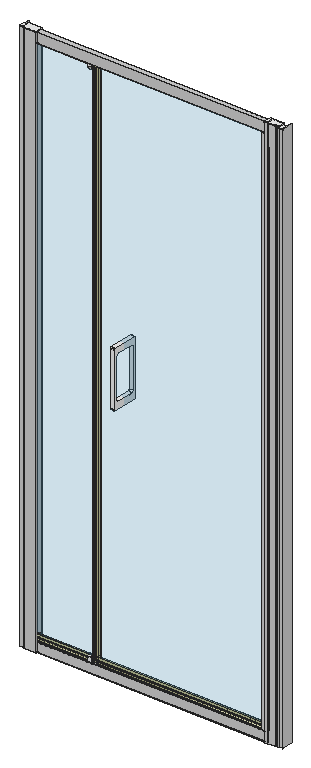
Revit family "TOP31", category Plumbing Fixtures, Revit 2015
Parameters (values of type "900")
  Seal = Seal
  Profile = Profile
  Glass = Glass
  C = 642 mm
  B = 258 mm
  Aluminum = Aluminum
  A = B + C  # 900 mm
  URL = "http://www.sanswiss.com/"
  Type Comments = "TOP LINE"
  Model = "TOP31"
  Manufacturer = "SanSwiss"
Types (4, lengths in mm): name | C | B | A
  900 | 642 | 258 | 900
  1400 | 942 | 458 | 1400
  1200 | 842 | 358 | 1200
  1000 | 742 | 258 | 1000
Reference planes
  plane 1 "Center (Front/Back)": y = 0
  plane 2: z = 0
  plane 3 "Center (Left/Right)": x = 0
  plane 4: x = 258
  plane 5: x = 900
  plane 6: x = 833.812
  plane 7: x = 833.812
Forms (mm)
  Sweep 1, solid, material "Profile" <- "Profile"
    path origin (-3.5, 0, 0) x (1, 0, 0) y (0, 1, 0)
      loop
        line (845.5, 15.451) -> (58.5, 15.451)
    profile origin (448.5, 15.451, 0) x (0, -1, 0) y (0, 0, 1)
      loop
        arc (-0.642, 1900) -> (-1.284, 1899.734) -> (-1.549, 1899.092) r 0.908
        line (-1.549, 1899.092) -> (-1.549, 1873.625)
        arc (-1.549, 1873.625) -> (-1.307, 1872.91) -> (-0.678, 1872.49) r 1.175
        line (-0.678, 1872.49) -> (4.883, 1871) -> (7.896, 1871) -> (14.092, 1871)
        arc (14.092, 1871) -> (14.487, 1870.836) -> (14.651, 1870.441) r 0.559
        line (14.651, 1870.441) -> (14.651, 1866.9)
        arc (14.651, 1866.9) -> (15.551, 1866) -> (16.451, 1866.9) r 0.9
        line (16.451, 1866.9) -> (16.451, 1899.07)
        arc (16.451, 1899.07) -> (16.178, 1899.728) -> (15.52, 1900) r 0.93
        line (15.52, 1900) -> (-0.642, 1900)
  Extrusion 2, solid, material "Glass" <- "Glass"
    sketch origin (0, 0, 0) x (1, 0, 0) y (0, 1, 0)
      loop
        line (49.5, 13.1) -> (49.5, 7.1) -> (251.012, 7.1) -> (251.012, 13.1) -> (49.5, 13.1)
    from 39.5 to 1859
  Sweep 3, solid, material "Seal" <- "Seal"
    path origin (-582.493, -3.663, -10.853) x (1, 0, 0) y (0, 0, 1)
      loop
        line (899.5, 43.553) -> (899.5, 1869.853)
    profile origin (317.007, -3.663, 945.85) x (-1, 0, 0) y (0, -1, 0)
      loop
        line (72.964, -16.3) -> (67.091, -17.125)
        arc (67.091, -17.125) -> (66.372, -16.94) -> (65.995, -16.3) r 0.97
        line (65.995, -16.3) -> (65.995, -11.379)
        arc (65.995, -11.379) -> (66.372, -10.74) -> (67.091, -10.554) r 0.97
        line (67.091, -10.554) -> (72.964, -11.379)
        arc (72.964, -11.379) -> (72.927, -10.567) -> (72.274, -10.082) r 0.947
        line (72.274, -10.082) -> (67.307, -9.362)
        arc (67.307, -9.362) -> (66.748, -9.353) -> (66.204, -9.485) r 2.201
        arc (66.204, -9.485) -> (64.306, -7.915) -> (61.911, -7.336) r 5.475
        arc (61.911, -7.336) -> (59.884, -7.937) -> (59.007, -9.861) r 2.549
        line (59.007, -9.861) -> (59.007, -17.819)
        arc (59.007, -17.819) -> (59.884, -19.743) -> (61.911, -20.343) r 2.549
        arc (61.911, -20.343) -> (64.306, -19.764) -> (66.204, -18.194) r 5.475
        arc (66.204, -18.194) -> (66.748, -18.326) -> (67.307, -18.317) r 2.201
        line (67.307, -18.317) -> (72.274, -17.597)
        arc (72.274, -17.597) -> (72.927, -17.112) -> (72.964, -16.3) r 0.947
  Sweep 4, solid, material "Seal" <- "Seal"
    path origin (1099.493, 24.017, -10.853) x (-1, 0, 0) y (0, 0, 1)
      loop
        line (900.5, 62.422) -> (900.5, 1869.853)
    profile origin (198.993, 24.017, 955.284) x (1, 0, 0) y (0, 1, 0)
      loop
        line (72.964, -16.3) -> (67.091, -17.125)
        arc (67.091, -17.125) -> (66.372, -16.94) -> (65.995, -16.3) r 0.97
        line (65.995, -16.3) -> (65.995, -11.379)
        arc (65.995, -11.379) -> (66.372, -10.74) -> (67.091, -10.554) r 0.97
        line (67.091, -10.554) -> (72.964, -11.379)
        arc (72.964, -11.379) -> (72.927, -10.567) -> (72.274, -10.082) r 0.947
        line (72.274, -10.082) -> (67.307, -9.362)
        arc (67.307, -9.362) -> (66.748, -9.353) -> (66.204, -9.485) r 2.201
        arc (66.204, -9.485) -> (64.306, -7.915) -> (61.911, -7.336) r 5.475
        arc (61.911, -7.336) -> (59.884, -7.937) -> (59.007, -9.861) r 2.549
        line (59.007, -9.861) -> (59.007, -17.819)
        arc (59.007, -17.819) -> (59.884, -19.743) -> (61.911, -20.343) r 2.549
        arc (61.911, -20.343) -> (64.306, -19.764) -> (66.204, -18.194) r 5.475
        arc (66.204, -18.194) -> (66.748, -18.326) -> (67.307, -18.317) r 2.201
        line (67.307, -18.317) -> (72.274, -17.597)
        arc (72.274, -17.597) -> (72.927, -17.112) -> (72.964, -16.3) r 0.947
  Extrusion 5, solid, material "Glass" <- "Glass"
    sketch origin (0, 0, 0) x (1, 0, 0) y (0, 1, 0)
      loop
        line (837.5, 8.8) -> (837.5, 13.8) -> (265, 13.8) -> (265, 8.8) -> (837.5, 8.8)
    from 39 to 1859
  Sweep 6, solid, material "Profile" <- "Profile"
    path origin (604.206, -2.386, -4.598) x (1, 0, 0) y (0, 0, 1)
      loop
        line (295.794, 1902.5) -> (295.794, 3.502)
    profile origin (900, -2.386, 948.403) x (0, -1, 0) y (1, 0, 0)
      loop
        arc (-3.3, -1.457) -> (-3.727, -0.427) -> (-4.757, 0) r 1.457
        line (-4.757, 0) -> (-41.1, 0)
        arc (-41.1, 0) -> (-40.661, -1.061) -> (-39.6, -1.5) r 1.5
        line (-39.6, -1.5) -> (-22.318, -1.5)
        arc (-22.318, -1.5) -> (-21.598, -1.798) -> (-21.3, -2.518) r 1.018
        line (-21.3, -2.518) -> (-21.3, -36.499)
        arc (-21.3, -36.499) -> (-20.861, -37.56) -> (-19.8, -37.999) r 1.5
        line (-19.8, -37.999) -> (-4.8, -37.999)
        arc (-4.8, -37.999) -> (-3.739, -37.56) -> (-3.3, -36.499) r 1.5
        line (-3.3, -36.499) -> (-3.3, -1.457)
  Sweep 7, solid, material "Profile" <- "Profile"
    path origin (604.206, -2.386, -3.597) x (1, 0, 0) y (0, 0, 1)
      loop
        line (295.794, 1905) -> (295.794, 2.5)
    profile origin (900, -2.386, 950.153) x (0, -1, 0) y (1, 0, 0)
      loop
        line (-21.3, -13.998) -> (-23.102, -13.998)
        arc (-23.102, -13.998) -> (-24.165, -14.438) -> (-24.605, -15.501) r 1.503
        line (-24.605, -15.501) -> (-24.605, -57.249)
        arc (-24.605, -57.249) -> (-23.851, -58) -> (-23.1, -57.249) r 0.751
        line (-23.1, -57.249) -> (-23.1, -54.5) -> (-1.5, -54.5) -> (-1.5, -57.249)
        arc (-1.5, -57.249) -> (-0.747, -58.002) -> (0.005, -57.249) r 0.753
        line (0.005, -57.249) -> (0.005, -15.501)
        arc (0.005, -15.501) -> (-0.435, -14.438) -> (-1.498, -13.998) r 1.503
        line (-1.498, -13.998) -> (-3.3, -13.998) -> (-3.3, -15.5) -> (-1.5, -15.5) -> (-1.5, -22.3) -> (-3.1, -22.3) -> (-3.1, -23.8) -> (-1.5, -23.8) -> (-1.5, -50) -> (-16.1, -50)
        arc (-16.1, -50) -> (-17.302, -50.498) -> (-17.8, -51.7) r 1.7
        line (-17.8, -51.7) -> (-17.8, -53) -> (-23.1, -53) -> (-23.1, -23.8) -> (-21.5, -23.8) -> (-21.5, -22.3) -> (-23.1, -22.3) -> (-23.1, -15.5) -> (-21.3, -15.5) -> (-21.3, -13.998)
  Revolve 8, solid, material "Aluminum" <- "Aluminum"
    sketch origin (604.206, -2.386, 101.293) x (1, 0, 0) y (0, 1, 0)
      loop
        line (294.294, 31.318) -> (294.294, 37.99) -> (290.258, 37.99)
        arc (290.258, 37.99) -> (289.589, 37.74) -> (289.249, 37.112) r 1.019
        arc (289.249, 37.112) -> (288.937, 34.222) -> (288.814, 31.318) r 44.956
        line (288.814, 31.318) -> (294.294, 31.318)
      axis (294.294, 31.318) -> (288.814, 31.318)
    angle from 0 to 360
  Revolve 9, solid, material "Aluminum" <- "Aluminum"
    sketch origin (604.206, -2.386, 950.454) x (1, 0, 0) y (0, 1, 0)
      loop
        line (294.294, 31.318) -> (294.294, 37.99) -> (290.258, 37.99)
        arc (290.258, 37.99) -> (289.589, 37.74) -> (289.249, 37.112) r 1.019
        arc (289.249, 37.112) -> (288.937, 34.222) -> (288.814, 31.318) r 44.956
        line (288.814, 31.318) -> (294.294, 31.318)
      axis (294.294, 31.318) -> (288.814, 31.318)
    angle from 0 to 360
  Revolve 10, solid, material "Aluminum" <- "Aluminum"
    sketch origin (604.206, -2.386, 1799.328) x (1, 0, 0) y (0, 1, 0)
      loop
        line (294.294, 31.318) -> (294.294, 37.99) -> (290.258, 37.99)
        arc (290.258, 37.99) -> (289.589, 37.74) -> (289.249, 37.112) r 1.019
        arc (289.249, 37.112) -> (288.937, 34.222) -> (288.814, 31.318) r 44.956
        line (288.814, 31.318) -> (294.294, 31.318)
      axis (294.294, 31.318) -> (288.814, 31.318)
    angle from 0 to 360
  Revolve 11, solid, material "Aluminum" <- "Aluminum"
    sketch origin (0, -2.245, 1799.327) x (1, 0, 0) y (0, 1, 0)
      loop
        line (1.5, 31.318) -> (6.98, 31.318)
        arc (6.98, 31.318) -> (6.857, 34.222) -> (6.545, 37.112) r 44.956
        arc (6.545, 37.112) -> (6.205, 37.74) -> (5.536, 37.99) r 1.019
        line (5.536, 37.99) -> (1.5, 37.99) -> (1.5, 31.318)
      axis (1.5, 31.318) -> (6.98, 31.318)
    angle from 0 to 360
  Revolve 12, solid, material "Aluminum" <- "Aluminum"
    sketch origin (0, -2.245, 950.433) x (1, 0, 0) y (0, 1, 0)
      loop
        line (1.5, 31.318) -> (6.98, 31.318)
        arc (6.98, 31.318) -> (6.857, 34.222) -> (6.545, 37.112) r 44.956
        arc (6.545, 37.112) -> (6.205, 37.74) -> (5.536, 37.99) r 1.019
        line (5.536, 37.99) -> (1.5, 37.99) -> (1.5, 31.318)
      axis (1.5, 31.318) -> (6.98, 31.318)
    angle from 0 to 360
  Revolve 13, solid, material "Aluminum" <- "Aluminum"
    sketch origin (0, -2.245, 101.026) x (1, 0, 0) y (0, 1, 0)
      loop
        line (1.5, 31.318) -> (6.98, 31.318)
        arc (6.98, 31.318) -> (6.857, 34.222) -> (6.545, 37.112) r 44.956
        arc (6.545, 37.112) -> (6.205, 37.74) -> (5.536, 37.99) r 1.019
        line (5.536, 37.99) -> (1.5, 37.99) -> (1.5, 31.318)
      axis (1.5, 31.318) -> (6.98, 31.318)
    angle from 0 to 360
  Extrusion 14, solid, material "Profile" <- "Profile"
    sketch origin (1217.271, -90.697, 1743.388) x (0, 1, 0) y (0, 0, -1)
      loop
        arc (89.797, 1712.384) -> (90.697, 1711.484) -> (91.597, 1712.384) r 0.9
        line (91.597, 1712.384) -> (91.597, 1716.484) -> (101.292, 1716.484) -> (107.057, 1718.029)
        arc (107.057, 1718.029) -> (107.591, 1718.386) -> (107.798, 1718.995) r 1
        line (107.798, 1718.995) -> (107.798, 1743.483)
        arc (107.798, 1743.483) -> (107.505, 1744.191) -> (106.796, 1744.484) r 1.002
        line (106.796, 1744.484) -> (90.797, 1744.484)
        arc (90.797, 1744.484) -> (90.09, 1744.192) -> (89.797, 1743.484) r 1
        line (89.797, 1743.484) -> (89.797, 1712.384)
    from 371.771 to 1162.271
  Sweep 15, solid, material "Seal" <- "Seal"
    path origin (-3.5, 0, 0) x (1, 0, 0) y (0, 1, 0)
      loop
        line (58.5, 7.191) -> (234.5, 7.191)
    profile origin (143, 7.191, 0) x (0, 1, 0) y (0, 0, 1)
      loop
        line (9.047, 41.78) -> (10.938, 26.963)
        arc (10.938, 26.963) -> (11.385, 26.617) -> (11.731, 27.065) r 0.4
        line (11.731, 27.065) -> (9.856, 41.76)
        arc (9.856, 41.76) -> (10.019, 42.196) -> (10.471, 42.309) r 0.5
        line (10.471, 42.309) -> (12.798, 41.741)
        arc (12.798, 41.741) -> (13.584, 42.218) -> (13.107, 43.004) r 0.65
        line (13.107, 43.004) -> (7.57, 44.356)
        arc (7.57, 44.356) -> (7.233, 44.562) -> (7.078, 44.925) r 0.648
        line (7.078, 44.925) -> (6.405, 52.09)
        arc (6.405, 52.09) -> (5.697, 52.676) -> (5.111, 51.968) r 0.65
        line (5.111, 51.968) -> (6.081, 41.646)
        arc (6.081, 41.646) -> (5.828, 40.882) -> (5.094, 40.551) r 1.002
        line (5.094, 40.551) -> (0.879, 40.508)
        arc (0.879, 40.508) -> (0.151, 40.818) -> (-0.113, 41.564) r 0.984
        line (-0.113, 41.564) -> (0.641, 51.841)
        arc (0.641, 51.841) -> (0.04, 52.537) -> (-0.656, 51.936) r 0.65
        line (-0.656, 51.936) -> (-1.38, 42.055) -> (-1.395, 41.226)
        arc (-1.395, 41.226) -> (-0.628, 39.777) -> (0.909, 39.208) r 2.297
        line (0.909, 39.208) -> (2.407, 39.223)
        arc (2.407, 39.223) -> (2.819, 37.962) -> (2.635, 36.648) r 2.942
        line (2.635, 36.648) -> (2.719, 28.471) -> (3.521, 28.265) -> (3.435, 36.657)
        arc (3.435, 36.657) -> (3.225, 37.966) -> (3.611, 39.236) r 2.942
        line (3.611, 39.236) -> (5.109, 39.251)
        arc (5.109, 39.251) -> (6.75, 39.965) -> (7.381, 41.64) r 2.297
        arc (7.381, 41.64) -> (8.147, 42.508) -> (9.047, 41.78) r 0.837
  Sweep 16, solid, material "Seal" <- "Seal"
    path origin (0, -1.123, 0) x (1, 0, 0) y (0, 1, 0)
      loop
        line (258, 8.84) -> (823.727, 8.84)
    profile origin (540.864, 7.717, 0) x (0, 1, 0) y (0, 0, 1)
      loop
        line (8.487, 41.88) -> (10.42, 26.729)
        arc (10.42, 26.729) -> (10.868, 26.382) -> (11.214, 26.83) r 0.4
        line (11.214, 26.83) -> (9.338, 41.525)
        arc (9.338, 41.525) -> (9.501, 41.962) -> (9.953, 42.074) r 0.5
        line (9.953, 42.074) -> (12.069, 41.558)
        arc (12.069, 41.558) -> (12.855, 42.035) -> (12.378, 42.82) r 0.65
        line (12.378, 42.82) -> (7.052, 44.121)
        arc (7.052, 44.121) -> (6.715, 44.327) -> (6.561, 44.69) r 0.648
        line (6.561, 44.69) -> (5.891, 51.811)
        arc (5.891, 51.811) -> (5.183, 52.397) -> (4.597, 51.689) r 0.65
        line (4.597, 51.689) -> (5.563, 41.411)
        arc (5.563, 41.411) -> (5.31, 40.647) -> (4.576, 40.316) r 1.002
        line (4.576, 40.316) -> (0.361, 40.273)
        arc (0.361, 40.273) -> (-0.367, 40.583) -> (-0.631, 41.329) r 0.984
        line (-0.631, 41.329) -> (0.122, 51.599)
        arc (0.122, 51.599) -> (-0.478, 52.295) -> (-1.174, 51.694) r 0.65
        line (-1.174, 51.694) -> (-1.898, 41.821) -> (-1.912, 40.991)
        arc (-1.912, 40.991) -> (-1.146, 39.542) -> (0.391, 38.973) r 2.297
        line (0.391, 38.973) -> (1.889, 38.988)
        arc (1.889, 38.988) -> (2.302, 37.727) -> (2.118, 36.414) r 2.942
        line (2.118, 36.414) -> (2.202, 28.236) -> (3.004, 28.03) -> (2.918, 36.422)
        arc (2.918, 36.422) -> (2.707, 37.732) -> (3.093, 39.001) r 2.942
        line (3.093, 39.001) -> (4.591, 39.016)
        arc (4.591, 39.016) -> (6.315, 39.822) -> (6.84, 41.652) r 2.297
        arc (6.84, 41.652) -> (7.548, 42.598) -> (8.487, 41.88) r 0.831
  Sweep 17, solid, material "Profile" <- "Profile"
    path origin (900.25, -2.5, -1) x (0, 1, 0) y (0, 0, -1)
      loop
        line (11.956, -1872) -> (11.956, -27.903)
    profile origin (900.25, 9.456, 948.952) x (-1, 0, 0) y (0, -1, 0)
      loop
        arc (69.875, -4.344) -> (62.188, -1.844) -> (69.875, 0.656) r 4.25
        line (69.875, 0.656) -> (75.382, 0.656)
        arc (75.382, 0.656) -> (75.867, 0.906) -> (75.944, 1.445) r 0.594
        arc (75.944, 1.445) -> (56.48, -1.825) -> (75.931, -5.171) r 10.01
        arc (75.931, -5.171) -> (75.852, -4.606) -> (75.346, -4.344) r 0.62
        line (75.346, -4.344) -> (69.875, -4.344)
  Sweep 18, solid, material "Seal" <- "Seal"
    path origin (900.25, -2.5, -1) x (0, 1, 0) y (0, 0, -1)
      loop
        line (12.581, -1872) -> (12.581, -27.903)
    profile origin (900.25, 10.081, 948.952) x (-1, 0, 0) y (0, -1, 0)
      loop
        line (55, -10.519) -> (57.75, -10.519) -> (63.144, -10.65)
        arc (63.144, -10.65) -> (62.131, -10.244) -> (61.181, -9.706) r 8.177
        line (61.181, -9.706) -> (60.015, -9.678)
        arc (60.015, -9.678) -> (55.662, 0.072) -> (62.311, 8.427) r 10.281
        arc (62.311, 8.427) -> (63.177, 8.589) -> (62.742, 9.355) r 0.541
        line (62.742, 9.355) -> (55, 10.158) -> (55, -10.519)
  Extrusion 19, solid, material "Aluminum" <- "Aluminum"
    sketch origin (900.5, -2.386, 0) x (-1, 0, 0) y (0, -1, 0)
      loop
        arc (38.499, -4.8) -> (38.06, -3.739) -> (36.999, -3.3) r 1.5
        line (36.999, -3.3) -> (2, -3.3)
        arc (2, -3.3) -> (0.939, -3.739) -> (0.5, -4.8) r 1.5
        line (0.5, -4.8) -> (0.5, -19.8)
        arc (0.5, -19.8) -> (0.939, -20.861) -> (2, -21.3) r 1.5
        line (2, -21.3) -> (36.999, -21.3)
        arc (36.999, -21.3) -> (38.06, -20.861) -> (38.499, -19.8) r 1.5
        line (38.499, -19.8) -> (38.499, -4.8)
    from 1898 to 1899
  Extrusion 20, solid, material "Aluminum" <- "Aluminum"
    sketch origin (900.5, -2.386, 0) x (-1, 0, 0) y (0, -1, 0)
      loop
        arc (14.499, -3.301) -> (13.439, -3.74) -> (13, -4.8) r 1.499
        line (13, -4.8) -> (13, -19.799)
        arc (13, -19.799) -> (13.44, -20.862) -> (14.503, -21.302) r 1.503
        line (14.503, -21.302) -> (14.503, -23.1)
        arc (14.503, -23.1) -> (14.945, -24.169) -> (16.014, -24.611) r 1.511
        line (16.014, -24.611) -> (57.751, -24.602)
        arc (57.751, -24.602) -> (58.282, -24.382) -> (58.502, -23.851) r 0.751
        line (58.502, -23.851) -> (58.502, -0.747)
        arc (58.502, -0.747) -> (58.282, -0.215) -> (57.749, 0.005) r 0.753
        line (57.749, 0.005) -> (16.001, 0.005)
        arc (16.001, 0.005) -> (14.919, -0.454) -> (14.499, -1.552) r 1.503
        line (14.499, -1.552) -> (14.499, -3.301)
    from 1900 to 1902.5
  Sweep 21, solid, material "Profile" <- "Profile"
    path origin (0, 10.044, 0) x (0, 1, 0) y (0, 0, 1)
      loop
        line (0, 1898) -> (0, -1.097)
    profile origin (0, 10.044, 948.452) x (1, 0, 0) y (0, 1, 0)
      loop
        line (1.457, -9) -> (36.499, -9)
        arc (36.499, -9) -> (37.56, -8.561) -> (37.999, -7.5) r 1.5
        line (37.999, -7.5) -> (37.999, 7.5)
        arc (37.999, 7.5) -> (37.56, 8.561) -> (36.499, 9) r 1.5
        line (36.499, 9) -> (2.518, 9)
        arc (2.518, 9) -> (1.798, 9.298) -> (1.5, 10.018) r 1.018
        line (1.5, 10.018) -> (1.5, 27.3)
        arc (1.5, 27.3) -> (1.061, 28.361) -> (0, 28.8) r 1.5
        line (0, 28.8) -> (0, -7.543)
        arc (0, -7.543) -> (0.427, -8.573) -> (1.457, -9) r 1.457
  Sweep 22, solid, material "Profile" <- "Profile"
    path origin (0, 10.044, 0) x (0, 1, 0) y (0, 0, 1)
      loop
        line (0, 1900) -> (0, -1.097)
    profile origin (0, 10.044, 949.452) x (1, 0, 0) y (0, 1, 0)
      loop
        line (14.5, 9) -> (16, 9) -> (16, 10.8) -> (22.8, 10.8) -> (22.8, 9.2) -> (24.3, 9.2) -> (24.3, 10.8) -> (53.5, 10.8) -> (53.5, 5.5) -> (52.2, 5.5)
        arc (52.2, 5.5) -> (50.998, 5.002) -> (50.5, 3.8) r 1.7
        line (50.5, 3.8) -> (50.5, -10.8) -> (24.3, -10.8) -> (24.3, -9.2) -> (22.8, -9.2) -> (22.8, -10.8) -> (16, -10.8) -> (16, -9) -> (14.5, -9) -> (14.5, -10.8)
        arc (14.5, -10.8) -> (14.939, -11.861) -> (16, -12.3) r 1.5
        line (16, -12.3) -> (57.75, -12.3)
        arc (57.75, -12.3) -> (58.5, -11.55) -> (57.75, -10.8) r 0.75
        line (57.75, -10.8) -> (55, -10.8) -> (55, 10.8) -> (57.75, 10.8)
        arc (57.75, 10.8) -> (58.5, 11.55) -> (57.75, 12.3) r 0.75
        line (57.75, 12.3) -> (16, 12.3)
        arc (16, 12.3) -> (14.939, 11.861) -> (14.5, 10.8) r 1.5
        line (14.5, 10.8) -> (14.5, 9)
  Extrusion 23, solid, material "Aluminum" <- "Aluminum"
    sketch origin (0, -2.256, 0) x (1, 0, 0) y (0, 1, 0)
      loop
        line (37.999, 4.8) -> (37.999, 19.8)
        arc (37.999, 19.8) -> (37.56, 20.861) -> (36.499, 21.3) r 1.5
        line (36.499, 21.3) -> (1.5, 21.3)
        arc (1.5, 21.3) -> (0.439, 20.861) -> (0, 19.8) r 1.5
        line (0, 19.8) -> (0, 4.8)
        arc (0, 4.8) -> (0.439, 3.739) -> (1.5, 3.3) r 1.5
        line (1.5, 3.3) -> (36.499, 3.3)
        arc (36.499, 3.3) -> (37.56, 3.739) -> (37.999, 4.8) r 1.5
    from 1898 to 1899
  Extrusion 24, solid, material "Aluminum" <- "Aluminum"
    sketch origin (0, -2.256, 0) x (1, 0, 0) y (0, 1, 0)
      loop
        line (57.7, 24.6) -> (16, 24.6)
        arc (16, 24.6) -> (14.939, 24.161) -> (14.5, 23.1) r 1.5
        line (14.5, 23.1) -> (14.5, 21.3)
        arc (14.5, 21.3) -> (13.439, 20.861) -> (13, 19.8) r 1.5
        line (13, 19.8) -> (13, 4.8)
        arc (13, 4.8) -> (13.439, 3.739) -> (14.5, 3.3) r 1.5
        line (14.5, 3.3) -> (14.5, 1.5)
        arc (14.5, 1.5) -> (14.939, 0.439) -> (16, 0) r 1.5
        line (16, 0) -> (57.7, 0)
        arc (57.7, 0) -> (58.266, 0.234) -> (58.5, 0.8) r 0.8
        line (58.5, 0.8) -> (58.5, 23.8)
        arc (58.5, 23.8) -> (58.266, 24.366) -> (57.7, 24.6) r 0.8
    from 1900 to 1902.5
  Sweep 25, solid, material "Profile" <- "Profile", not visible
    path origin (900.25, -2.5, -1) x (0, 1, 0) y (0, 0, -1)
      loop
        line (11.956, -1872) -> (11.956, -27.903)
    profile origin (900.25, 9.456, 948.952) x (-1, 0, 0) y (0, -1, 0)
      loop
        arc (69.875, -4.344) -> (62.188, -1.844) -> (69.875, 0.656) r 4.25
        line (69.875, 0.656) -> (75.382, 0.656)
        arc (75.382, 0.656) -> (75.867, 0.906) -> (75.944, 1.445) r 0.594
        arc (75.944, 1.445) -> (56.48, -1.825) -> (75.931, -5.171) r 10.01
        arc (75.931, -5.171) -> (75.852, -4.606) -> (75.346, -4.344) r 0.62
        line (75.346, -4.344) -> (69.875, -4.344)
  Sweep 26, solid, material "Seal" <- "Seal", not visible
    path origin (900.25, -2.5, -1) x (0, 1, 0) y (0, 0, -1)
      loop
        line (12.581, -1872) -> (12.581, -27.903)
    profile origin (900.25, 10.081, 948.952) x (-1, 0, 0) y (0, -1, 0)
      loop
        line (55, -10.519) -> (57.75, -10.519) -> (63.144, -10.65)
        arc (63.144, -10.65) -> (62.131, -10.244) -> (61.181, -9.706) r 8.177
        line (61.181, -9.706) -> (60.015, -9.678)
        arc (60.015, -9.678) -> (55.662, 0.072) -> (62.311, 8.427) r 10.281
        arc (62.311, 8.427) -> (63.177, 8.589) -> (62.742, 9.355) r 0.541
        line (62.742, 9.355) -> (55, 10.158) -> (55, -10.519)
Dimensions and locks
  locked: plane 4 to nested 1 at 80
  "B": plane 3 "Center (Left/Right)" to plane 4
  "C": plane 4 to plane 5
  locked: Extrusion 14 to plane 5 at 54.5
  locked: plane 3 "Center (Left/Right)" to Extrusion 14 at 55
  locked: Sweep 16 sketch curve to plane 5 at 76.273
  locked: Extrusion 19 sketch curve to Extrusion 19 sketch curve at 34.999  (x2)
  locked: Extrusion 19 sketch curve to Extrusion 19 sketch curve at 1.5
  locked: Extrusion 23 sketch curve to Extrusion 23 sketch curve at 34.999  (x2)
  locked: Extrusion 23 sketch curve to Extrusion 23 sketch curve at 1.5
  locked: nested 3 to plane 4 at 7
  locked: plane 6 to plane 5 at 66.188
  locked: plane 4 to nested 2 at 27
  aligned and locked: level to plane 2
  aligned and locked: plane 4 to Sweep 4 sketch curve
  aligned and locked: Sweep 3 sketch curve to plane 4
  aligned and locked: Extrusion 2 sketch curve to Sweep 3
  aligned and locked: plane 4 to Sweep 16 sketch curve
  aligned and locked: nested 3 to Sweep 15 sketch curve
Automatic sketch dimensions
  Sweep 1 sketch curve to plane 1 "Center (Front/Back)" = 15.451 mm
  plane 3 "Center (Left/Right)" to Sweep 1 sketch curve = 55 mm
  Sweep 1 sketch curve to plane 5 = 58 mm
  profile plane to Sweep 1 sketch curve = 1.549 mm
  profile plane to Sweep 1 sketch curve = 0.678 mm
  profile plane to Sweep 1 sketch curve = 0.642 mm
  profile plane to Sweep 1 sketch curve = 0.374 mm
  Sweep 1 sketch curve to Sweep 1 sketch curve = 3.013 mm
  Sweep 1 sketch curve to Sweep 1 sketch curve = 0.559 mm
  Sweep 1 sketch curve to Sweep 1 sketch curve = 0.9 mm
  level to Sweep 1 sketch curve = 1866.9 mm
  Sweep 1 sketch curve to Sweep 1 sketch curve = 3.541 mm
  Sweep 1 sketch curve to Sweep 1 sketch curve = 1.49 mm
  Extrusion 2 sketch curve to plane 1 "Center (Front/Back)" = 13.1 mm
  plane 3 "Center (Left/Right)" to Extrusion 2 sketch curve = 49.5 mm
  Extrusion 2 sketch curve to Extrusion 2 sketch curve = 6 mm
  plane 4 to Sweep 3 sketch curve = 59.007 mm
  level to Sweep 3 sketch curve = 32.7 mm
  Sweep 3 sketch curve to Sweep 3 sketch curve = 1826.3 mm
  Sweep 3 sketch curve to Sweep 3 sketch curve = 0.036 mm  (x2)
  Sweep 3 sketch curve to profile plane = 10.554 mm
  Sweep 3 sketch curve to profile plane = 17.125 mm
  Sweep 3 sketch curve to profile plane = 9.362 mm
  Sweep 3 sketch curve to Sweep 3 sketch curve = 0.216 mm  (x2)
  Sweep 3 sketch curve to profile plane = 18.317 mm
  Sweep 3 sketch curve to Sweep 3 sketch curve = 5 mm  (x2)
  Sweep 3 sketch curve to profile plane = 17.597 mm
  Sweep 3 sketch curve to Sweep 3 sketch curve = 0.183 mm  (x2)
  Sweep 3 sketch curve to profile plane = 10.082 mm
  Sweep 3 sketch curve to profile plane = 11.379 mm
  Sweep 3 sketch curve to Sweep 3 sketch curve = 0.873 mm  (x2)
  Sweep 3 sketch curve to profile plane = 16.3 mm
  Sweep 3 sketch curve to Sweep 3 sketch curve = 0.026 mm  (x2)
  Sweep 3 sketch curve to Sweep 3 sketch curve = 2.058 mm
  Sweep 3 sketch curve to Sweep 3 sketch curve = 0.987 mm
  Sweep 4 sketch curve to plane 4 = 59.007 mm
  level to Sweep 4 sketch curve = 51.569 mm
  Sweep 4 sketch curve to Sweep 4 sketch curve = 1807.431 mm
  Sweep 4 sketch curve to Sweep 4 sketch curve = 0.036 mm  (x2)
  Sweep 4 sketch curve to profile plane = 10.554 mm
  Sweep 4 sketch curve to profile plane = 17.125 mm
  Sweep 4 sketch curve to profile plane = 9.362 mm
  Sweep 4 sketch curve to Sweep 4 sketch curve = 0.216 mm  (x2)
  Sweep 4 sketch curve to profile plane = 18.317 mm
  Sweep 4 sketch curve to Sweep 4 sketch curve = 5 mm  (x2)
  Sweep 4 sketch curve to profile plane = 17.597 mm
  Sweep 4 sketch curve to Sweep 4 sketch curve = 0.183 mm  (x2)
  Sweep 4 sketch curve to profile plane = 10.082 mm
  Sweep 4 sketch curve to profile plane = 11.379 mm
  Sweep 4 sketch curve to Sweep 4 sketch curve = 0.873 mm  (x2)
  Sweep 4 sketch curve to profile plane = 16.3 mm
  Sweep 4 sketch curve to Sweep 4 sketch curve = 0.026 mm  (x2)
  Sweep 4 sketch curve to Sweep 4 sketch curve = 2.058 mm
  Sweep 4 sketch curve to Sweep 4 sketch curve = 0.987 mm
  plane 4 to Extrusion 5 sketch curve = 7 mm
  Extrusion 5 sketch curve to plane 1 "Center (Front/Back)" = 13.8 mm
  Extrusion 5 sketch curve to plane 5 = 62.5 mm
  Extrusion 5 sketch curve to Extrusion 5 sketch curve = 5 mm
  Sweep 6 sketch curve to plane 5 = 0 mm
  Sweep 6 sketch curve to level = 1.097 mm
  Sweep 6 sketch curve to Sweep 6 sketch curve = 1898.998 mm
  Sweep 7 sketch curve to level = 1.097 mm
  Sweep 7 sketch curve to plane 5 = 0 mm
  level to Sweep 7 sketch curve = 1901.403 mm
  Revolve 8 sketch curve to plane 5 = 6.98 mm
  Revolve 8 sketch curve to plane 5 = 5.536 mm
  Revolve 8 sketch curve to plane 5 = 1.5 mm
  plane 5 to Revolve 8 sketch curve = 37.973 mm
  Revolve 8 sketch curve to plane 1 "Center (Front/Back)" = 28.469 mm
  Revolve 8 sketch curve to plane 1 "Center (Front/Back)" = 28.932 mm
  Revolve 8 sketch curve to Revolve 8 sketch curve = 5.653 mm
  Revolve 8 sketch curve to Revolve 8 sketch curve = 1.019 mm
  Revolve 8 sketch curve to Revolve 8 sketch curve = 0 mm  (x3)
  Revolve 9 sketch curve to plane 5 = 6.98 mm
  Revolve 9 sketch curve to plane 5 = 5.536 mm
  Revolve 9 sketch curve to plane 5 = 1.5 mm
  plane 5 to Revolve 9 sketch curve = 37.973 mm
  Revolve 9 sketch curve to plane 1 "Center (Front/Back)" = 28.469 mm
  Revolve 9 sketch curve to plane 1 "Center (Front/Back)" = 28.932 mm
  Revolve 9 sketch curve to Revolve 9 sketch curve = 5.653 mm
  Revolve 9 sketch curve to Revolve 9 sketch curve = 1.019 mm
  Revolve 9 sketch curve to Revolve 9 sketch curve = 0 mm  (x3)
  Revolve 10 sketch curve to plane 5 = 6.98 mm
  Revolve 10 sketch curve to plane 5 = 5.536 mm
  Revolve 10 sketch curve to plane 5 = 1.5 mm
  plane 5 to Revolve 10 sketch curve = 37.973 mm
  Revolve 10 sketch curve to plane 1 "Center (Front/Back)" = 28.469 mm
  Revolve 10 sketch curve to plane 1 "Center (Front/Back)" = 28.932 mm
  Revolve 10 sketch curve to Revolve 10 sketch curve = 5.653 mm
  Revolve 10 sketch curve to Revolve 10 sketch curve = 1.019 mm
  Revolve 10 sketch curve to Revolve 10 sketch curve = 0 mm  (x3)
  Revolve 11 sketch curve to plane 3 "Center (Left/Right)" = 37.973 mm
  plane 3 "Center (Left/Right)" to Revolve 11 sketch curve = 1.5 mm
  Revolve 11 sketch curve to Revolve 11 sketch curve = 4.036 mm
  Revolve 11 sketch curve to Revolve 11 sketch curve = 5.48 mm
  Revolve 11 sketch curve to plane 1 "Center (Front/Back)" = 28.611 mm
  Revolve 11 sketch curve to plane 1 "Center (Front/Back)" = 29.073 mm
  Revolve 11 sketch curve to Revolve 11 sketch curve = 5.653 mm
  Revolve 11 sketch curve to Revolve 11 sketch curve = 1.019 mm
  Revolve 11 sketch curve to Revolve 11 sketch curve = 0 mm  (x3)
  Revolve 12 sketch curve to plane 3 "Center (Left/Right)" = 37.973 mm
  plane 3 "Center (Left/Right)" to Revolve 12 sketch curve = 1.5 mm
  Revolve 12 sketch curve to Revolve 12 sketch curve = 4.036 mm
  Revolve 12 sketch curve to Revolve 12 sketch curve = 5.48 mm
  Revolve 12 sketch curve to plane 1 "Center (Front/Back)" = 28.611 mm
  Revolve 12 sketch curve to plane 1 "Center (Front/Back)" = 29.073 mm
  Revolve 12 sketch curve to Revolve 12 sketch curve = 5.653 mm
  Revolve 12 sketch curve to Revolve 12 sketch curve = 1.019 mm
  Revolve 12 sketch curve to Revolve 12 sketch curve = 0 mm  (x3)
  Revolve 13 sketch curve to plane 3 "Center (Left/Right)" = 37.973 mm
  plane 3 "Center (Left/Right)" to Revolve 13 sketch curve = 1.5 mm
  Revolve 13 sketch curve to Revolve 13 sketch curve = 4.036 mm
  Revolve 13 sketch curve to Revolve 13 sketch curve = 5.48 mm
  Revolve 13 sketch curve to plane 1 "Center (Front/Back)" = 28.611 mm
  Revolve 13 sketch curve to plane 1 "Center (Front/Back)" = 29.073 mm
  Revolve 13 sketch curve to Revolve 13 sketch curve = 5.653 mm
  Revolve 13 sketch curve to Revolve 13 sketch curve = 1.019 mm
  Revolve 13 sketch curve to Revolve 13 sketch curve = 0 mm  (x3)
  Extrusion 14 sketch curve to plane 1 "Center (Front/Back)" = 0 mm
  Extrusion 14 sketch curve to Extrusion 14 sketch curve = 0.9 mm
  Extrusion 14 sketch curve to plane 1 "Center (Front/Back)" = 0.1 mm
  Extrusion 14 sketch curve to Extrusion 14 sketch curve = 9.695 mm
  Extrusion 14 sketch curve to Extrusion 14 sketch curve = 0.259 mm
  Extrusion 14 sketch curve to Extrusion 14 sketch curve = 1 mm
  Extrusion 14 sketch curve to Extrusion 14 sketch curve = 4.1 mm
  Extrusion 14 sketch curve to level = 0.095 mm
  Sweep 15 sketch curve to plane 1 "Center (Front/Back)" = 7.191 mm
  Sweep 16 sketch curve to plane 1 "Center (Front/Back)" = 7.717 mm
  profile plane to Sweep 17 sketch curve = 1.844 mm
  profile plane to Sweep 17 sketch curve = 66.438 mm
  Sweep 17 sketch curve to Sweep 17 sketch curve = 0.052 mm
  Sweep 17 sketch curve to profile plane = 0.656 mm
  Sweep 17 sketch curve to Sweep 17 sketch curve = 3.385 mm  (x2)
  Sweep 17 sketch curve to Sweep 17 sketch curve = 5.471 mm
  Sweep 17 sketch curve to profile plane = 1.25 mm
  Sweep 17 sketch curve to Sweep 17 sketch curve = 5.507 mm
  Sweep 17 sketch curve to Sweep 17 sketch curve = 0.62 mm
  Sweep 17 sketch curve to Sweep 17 sketch curve = 0 mm  (x2)
  profile plane to Sweep 18 sketch curve = 9.706 mm
  Sweep 18 sketch curve to Sweep 18 sketch curve = 0.056 mm
  Sweep 18 sketch curve to Sweep 18 sketch curve = 1.963 mm
  profile plane to Sweep 18 sketch curve = 2.875 mm
  Sweep 18 sketch curve to Sweep 18 sketch curve = 0.185 mm
  profile plane to Sweep 18 sketch curve = 1.221 mm
  Extrusion 19 sketch curve to Extrusion 19 sketch curve = 1.5 mm  (x2)
  Sweep 21 sketch curve to level = 1.097 mm
  Sweep 21 sketch curve to plane 1 "Center (Front/Back)" = 10.044 mm
  Sweep 21 sketch curve to Sweep 21 sketch curve = 1899.097 mm
  Sweep 22 sketch curve to level = 1.097 mm
  Sweep 22 sketch curve to plane 1 "Center (Front/Back)" = 10.044 mm
  level to Sweep 22 sketch curve = 1900 mm
  profile plane to Sweep 22 sketch curve = 14.5 mm  (x2)
  Sweep 22 sketch curve to Sweep 22 sketch curve = 1.5 mm  (x4)
  Sweep 22 sketch curve to Sweep 22 sketch curve = 0 mm  (x7)
  Sweep 22 sketch curve to Sweep 22 sketch curve = 6.8 mm  (x2)
  Sweep 22 sketch curve to Sweep 22 sketch curve = 26.2 mm
  Sweep 22 sketch curve to Sweep 22 sketch curve = 1.7 mm
  Sweep 22 sketch curve to Sweep 22 sketch curve = 1.3 mm
  Sweep 22 sketch curve to Sweep 22 sketch curve = 4.5 mm
  Sweep 22 sketch curve to Sweep 22 sketch curve = 2.75 mm  (x2)
  profile plane to Sweep 22 sketch curve = 12.3 mm
  Sweep 22 sketch curve to Sweep 22 sketch curve = 0.75 mm
  Sweep 22 sketch curve to Sweep 22 sketch curve = 1.6 mm
  Sweep 22 sketch curve to Sweep 22 sketch curve = 1.8 mm  (x2)
  Sweep 22 sketch curve to profile plane = 3.8 mm
  Sweep 22 sketch curve to profile plane = 9 mm
  Sweep 22 sketch curve to Sweep 22 sketch curve = 0.2 mm
  Extrusion 23 sketch curve to Extrusion 23 sketch curve = 1.5 mm  (x2)
  Extrusion 24 sketch curve to Extrusion 24 sketch curve = 1.5 mm  (x4)
  Extrusion 24 sketch curve to Extrusion 24 sketch curve = 41.7 mm
  Extrusion 24 sketch curve to Extrusion 24 sketch curve = 0 mm  (x2)
  Extrusion 24 sketch curve to Extrusion 24 sketch curve = 0.8 mm
  Extrusion 24 sketch curve to Extrusion 24 sketch curve = 1.8 mm
  Extrusion 24 sketch curve to Extrusion 24 sketch curve = 3.3 mm
  Extrusion 19 sketch curve to Extrusion 19 sketch curve = 15 mm
  Extrusion 19 sketch curve to plane 5 = 0 mm
  plane 1 "Center (Front/Back)" to Extrusion 19 sketch curve = 0.914 mm
  Sweep 7 sketch curve to profile plane = 24.605 mm
  Sweep 7 sketch curve to Sweep 7 sketch curve = 1.503 mm
  Sweep 7 sketch curve to Sweep 7 sketch curve = 1.505 mm
  Sweep 7 sketch curve to Sweep 7 sketch curve = 0 mm  (x4)
  Sweep 7 sketch curve to Sweep 7 sketch curve = 0.751 mm
  Sweep 7 sketch curve to Sweep 7 sketch curve = 1.6 mm
  Sweep 7 sketch curve to Sweep 7 sketch curve = 1.802 mm
  Sweep 7 sketch curve to Sweep 7 sketch curve = 5.3 mm
  Sweep 7 sketch curve to Sweep 7 sketch curve = 1.7 mm
  Sweep 7 sketch curve to profile plane = 3.3 mm
  Sweep 7 sketch curve to profile plane = 3.1 mm
  Sweep 7 sketch curve to profile plane = 1.5 mm  (x3)
  Sweep 7 sketch curve to Sweep 7 sketch curve = 0.002 mm
  Sweep 7 sketch curve to profile plane = 0.747 mm
  Sweep 7 sketch curve to Sweep 7 sketch curve = 2.749 mm
  Sweep 7 sketch curve to Sweep 7 sketch curve = 1.5 mm  (x3)
  Sweep 7 sketch curve to Sweep 7 sketch curve = 1.3 mm
  profile plane to Sweep 7 sketch curve = 23.8 mm
  Sweep 7 sketch curve to Sweep 7 sketch curve = 6.799 mm  (x2)
  Sweep 7 sketch curve to Sweep 7 sketch curve = 1.502 mm
  Sweep 7 sketch curve to Sweep 7 sketch curve = 0.001 mm
  Sweep 7 sketch curve to Sweep 7 sketch curve = 0.004 mm
  Sweep 7 sketch curve to Sweep 7 sketch curve = 26.2 mm
  plane 5 to Extrusion 20 sketch curve = 12.5 mm
  Extrusion 20 sketch curve to Extrusion 20 sketch curve = 1.499 mm
  Extrusion 20 sketch curve to Extrusion 20 sketch curve = 1.503 mm
  Extrusion 20 sketch curve to Extrusion 20 sketch curve = 1.511 mm
  Extrusion 20 sketch curve to plane 1 "Center (Front/Back)" = 2.392 mm
  Extrusion 20 sketch curve to Extrusion 20 sketch curve = 41.748 mm
  Extrusion 20 sketch curve to Extrusion 20 sketch curve = 0.751 mm
  Extrusion 20 sketch curve to plane 1 "Center (Front/Back)" = 0.889 mm
  plane 1 "Center (Front/Back)" to Extrusion 20 sketch curve = 0.915 mm
  Extrusion 20 sketch curve to Extrusion 20 sketch curve = 15 mm
  Extrusion 20 sketch curve to Extrusion 20 sketch curve = 1.798 mm
  Extrusion 20 sketch curve to Extrusion 20 sketch curve = 0.761 mm
  Extrusion 20 sketch curve to Extrusion 20 sketch curve = 0 mm
  Extrusion 20 sketch curve to Extrusion 20 sketch curve = 0.002 mm
  Extrusion 20 sketch curve to Extrusion 20 sketch curve = 1.502 mm
  Extrusion 23 sketch curve to Extrusion 23 sketch curve = 15 mm
  Extrusion 24 sketch curve to Extrusion 24 sketch curve = 15 mm
  plane 3 "Center (Left/Right)" to Sweep 15 sketch curve = 55 mm
  Extrusion 23 sketch curve to plane 3 "Center (Left/Right)" = 0 mm
  Extrusion 23 sketch curve to plane 1 "Center (Front/Back)" = 1.044 mm
  plane 3 "Center (Left/Right)" to Extrusion 24 sketch curve = 13 mm
  plane 1 "Center (Front/Back)" to Extrusion 24 sketch curve = 2.256 mm
  Sweep 17 sketch curve to Sweep 17 sketch curve = 1844.097 mm
  profile plane to Sweep 25 sketch curve = 1.844 mm
  profile plane to Sweep 25 sketch curve = 66.438 mm
  Sweep 25 sketch curve to Sweep 25 sketch curve = 0.052 mm
  Sweep 25 sketch curve to profile plane = 0.656 mm
  Sweep 25 sketch curve to Sweep 25 sketch curve = 3.385 mm  (x2)
  Sweep 25 sketch curve to Sweep 25 sketch curve = 5.471 mm
  Sweep 25 sketch curve to profile plane = 1.25 mm
  Sweep 25 sketch curve to Sweep 25 sketch curve = 5.507 mm
  Sweep 25 sketch curve to Sweep 25 sketch curve = 0.62 mm
  Sweep 25 sketch curve to Sweep 25 sketch curve = 0 mm  (x2)
  Sweep 25 sketch curve to Sweep 25 sketch curve = 1844.097 mm
  Sweep 18 sketch curve to Sweep 18 sketch curve = 1844.097 mm
  Sweep 3 sketch curve to Sweep 3 sketch curve = 2.549 mm  (x2)
  Sweep 3 sketch curve to Sweep 3 sketch curve = 0.299 mm
  Sweep 3 sketch curve to Sweep 3 sketch curve = 0 mm
  Sweep 3 sketch curve to Sweep 3 sketch curve = 4.14 mm
  Sweep 3 sketch curve to Sweep 3 sketch curve = 0.96 mm  (x2)
  Sweep 3 sketch curve to Sweep 3 sketch curve = 0.135 mm  (x2)
  Sweep 3 sketch curve to Sweep 3 sketch curve = 0.693 mm
  Sweep 3 sketch curve to Sweep 3 sketch curve = 0.825 mm
  Sweep 3 sketch curve to Sweep 3 sketch curve = 2.95 mm  (x2)
  Sweep 3 sketch curve to Sweep 3 sketch curve = 0.355 mm  (x2)
  Sweep 4 sketch curve to Sweep 4 sketch curve = 2.549 mm  (x2)
  Sweep 4 sketch curve to Sweep 4 sketch curve = 0.299 mm
  Sweep 4 sketch curve to Sweep 4 sketch curve = 0 mm
  Sweep 4 sketch curve to Sweep 4 sketch curve = 4.14 mm
  Sweep 4 sketch curve to Sweep 4 sketch curve = 0.96 mm  (x2)
  Sweep 4 sketch curve to Sweep 4 sketch curve = 0.135 mm  (x2)
  Sweep 4 sketch curve to Sweep 4 sketch curve = 0.693 mm
  Sweep 4 sketch curve to Sweep 4 sketch curve = 0.825 mm
  Sweep 4 sketch curve to Sweep 4 sketch curve = 2.95 mm  (x2)
  Sweep 4 sketch curve to Sweep 4 sketch curve = 0.355 mm  (x2)
  Sweep 18 sketch curve to Sweep 18 sketch curve = 0.538 mm
  Sweep 18 sketch curve to Sweep 18 sketch curve = 0.375 mm
  Sweep 18 sketch curve to profile plane = 10.158 mm
  profile plane to Sweep 18 sketch curve = 55 mm
  Sweep 18 sketch curve to Sweep 18 sketch curve = 2.532 mm
  Sweep 18 sketch curve to Sweep 18 sketch curve = 7.686 mm
  profile plane to Sweep 18 sketch curve = 10.519 mm
  Sweep 18 sketch curve to Sweep 18 sketch curve = 2.75 mm
  profile plane to Sweep 18 sketch curve = 9.678 mm
  Sweep 18 sketch curve to Sweep 18 sketch curve = 2.265 mm
  Sweep 18 sketch curve to Sweep 18 sketch curve = 1.166 mm
  Sweep 26 sketch curve to Sweep 26 sketch curve = 0.538 mm
  Sweep 26 sketch curve to Sweep 26 sketch curve = 0.375 mm
  Sweep 26 sketch curve to profile plane = 10.158 mm
  profile plane to Sweep 26 sketch curve = 55 mm
  Sweep 26 sketch curve to Sweep 26 sketch curve = 2.532 mm
  Sweep 26 sketch curve to Sweep 26 sketch curve = 7.686 mm
  profile plane to Sweep 26 sketch curve = 10.519 mm
  Sweep 26 sketch curve to Sweep 26 sketch curve = 2.75 mm
  profile plane to Sweep 26 sketch curve = 9.678 mm
  Sweep 26 sketch curve to Sweep 26 sketch curve = 2.265 mm
  Sweep 26 sketch curve to Sweep 26 sketch curve = 1.166 mm
  profile plane to Sweep 15 sketch curve = 1.395 mm
  Sweep 15 sketch curve to Sweep 15 sketch curve = 0.014 mm
  profile plane to Sweep 15 sketch curve = 0.656 mm
  profile plane to Sweep 15 sketch curve = 0.113 mm
  profile plane to Sweep 15 sketch curve = 0.111 mm
  profile plane to Sweep 15 sketch curve = 0.008 mm
  Sweep 15 sketch curve to profile plane = 0.641 mm
  Sweep 15 sketch curve to profile plane = 0.869 mm
  Sweep 15 sketch curve to profile plane = 0.879 mm
  Sweep 15 sketch curve to Sweep 15 sketch curve = 0.017 mm
  Sweep 15 sketch curve to profile plane = 0.909 mm
  Sweep 15 sketch curve to Sweep 15 sketch curve = 1.498 mm
  Sweep 15 sketch curve to Sweep 15 sketch curve = 0.228 mm
  Sweep 15 sketch curve to profile plane = 2.719 mm
  Sweep 15 sketch curve to Sweep 15 sketch curve = 0.8 mm
  Sweep 15 sketch curve to Sweep 15 sketch curve = 0.802 mm
  Sweep 15 sketch curve to Sweep 15 sketch curve = 1.204 mm
  Sweep 15 sketch curve to Sweep 15 sketch curve = 1.473 mm
  Sweep 15 sketch curve to Sweep 15 sketch curve = 0.002 mm
  Sweep 15 sketch curve to Sweep 15 sketch curve = 0.009 mm
  Sweep 15 sketch curve to Sweep 15 sketch curve = 0.015 mm  (x3)
  Sweep 15 sketch curve to Sweep 15 sketch curve = 4.47 mm
  Sweep 15 sketch curve to Sweep 15 sketch curve = 0.647 mm  (x2)
  Sweep 15 sketch curve to Sweep 15 sketch curve = 0.995 mm
  Sweep 15 sketch curve to Sweep 15 sketch curve = 1.051 mm
  Sweep 15 sketch curve to Sweep 15 sketch curve = 0.998 mm
  Sweep 15 sketch curve to Sweep 15 sketch curve = 0.491 mm
  Sweep 15 sketch curve to Sweep 15 sketch curve = 0.645 mm
  Sweep 15 sketch curve to Sweep 15 sketch curve = 2.136 mm
  Sweep 15 sketch curve to Sweep 15 sketch curve = 0.83 mm
  Sweep 15 sketch curve to Sweep 15 sketch curve = 0.809 mm
  Sweep 15 sketch curve to Sweep 15 sketch curve = 7.416 mm
  Sweep 15 sketch curve to Sweep 15 sketch curve = 0.496 mm
  Sweep 15 sketch curve to Sweep 15 sketch curve = 0.119 mm
  Sweep 15 sketch curve to Sweep 15 sketch curve = 0.397 mm  (x2)
  Sweep 15 sketch curve to Sweep 15 sketch curve = 2.328 mm
  Sweep 15 sketch curve to Sweep 15 sketch curve = 0.154 mm  (x2)
  level to Sweep 15 sketch curve = 26.963 mm
  Sweep 15 sketch curve to Sweep 15 sketch curve = 0.051 mm
  Sweep 15 sketch curve to Sweep 15 sketch curve = 1.301 mm
  Sweep 15 sketch curve to Sweep 15 sketch curve = 0.206 mm
  Sweep 15 sketch curve to Sweep 15 sketch curve = 8.177 mm
  Sweep 15 sketch curve to Sweep 15 sketch curve = 0.008 mm
  Sweep 15 sketch curve to Sweep 15 sketch curve = 1.054 mm
  Sweep 15 sketch curve to Sweep 15 sketch curve = 1.11 mm
  Sweep 15 sketch curve to Sweep 15 sketch curve = 1.3 mm  (x2)
  Sweep 15 sketch curve to Sweep 15 sketch curve = 1.21 mm
  Sweep 15 sketch curve to Sweep 15 sketch curve = 0.063 mm
  Sweep 15 sketch curve to Sweep 15 sketch curve = 0.719 mm
  Sweep 15 sketch curve to Sweep 15 sketch curve = 0.013 mm
  Sweep 15 sketch curve to Sweep 15 sketch curve = 0.997 mm
  Sweep 15 sketch curve to Sweep 15 sketch curve = 0.004 mm
  Sweep 15 sketch curve to Sweep 15 sketch curve = 0.086 mm
  Sweep 15 sketch curve to Sweep 15 sketch curve = 0.569 mm  (x2)
  Sweep 15 sketch curve to Sweep 15 sketch curve = 0.106 mm
  Sweep 15 sketch curve to Sweep 15 sketch curve = 0.829 mm
  Sweep 15 sketch curve to Sweep 15 sketch curve = 0.631 mm
  Sweep 15 sketch curve to Sweep 15 sketch curve = 2.716 mm
  Sweep 15 sketch curve to Sweep 15 sketch curve = 6.916 mm
  Sweep 15 sketch curve to Sweep 15 sketch curve = 0.048 mm
  Sweep 15 sketch curve to Sweep 15 sketch curve = 0.128 mm
  Sweep 15 sketch curve to Sweep 15 sketch curve = 0.061 mm
  profile plane to Sweep 16 sketch curve = 1.912 mm
  Sweep 16 sketch curve to Sweep 16 sketch curve = 0.014 mm
  profile plane to Sweep 16 sketch curve = 1.174 mm
  profile plane to Sweep 16 sketch curve = 0.631 mm
  profile plane to Sweep 16 sketch curve = 0.629 mm
  profile plane to Sweep 16 sketch curve = 0.526 mm
  Sweep 16 sketch curve to profile plane = 0.122 mm
  Sweep 16 sketch curve to profile plane = 0.351 mm
  Sweep 16 sketch curve to profile plane = 0.361 mm
  Sweep 16 sketch curve to Sweep 16 sketch curve = 0.017 mm
  Sweep 16 sketch curve to profile plane = 0.391 mm
  Sweep 16 sketch curve to Sweep 16 sketch curve = 1.498 mm
  Sweep 16 sketch curve to profile plane = 2.118 mm
  Sweep 16 sketch curve to profile plane = 2.202 mm
  Sweep 16 sketch curve to Sweep 16 sketch curve = 0.8 mm
  Sweep 16 sketch curve to Sweep 16 sketch curve = 0.802 mm
  Sweep 16 sketch curve to Sweep 16 sketch curve = 1.204 mm
  Sweep 16 sketch curve to Sweep 16 sketch curve = 1.473 mm
  Sweep 16 sketch curve to Sweep 16 sketch curve = 0.002 mm
  Sweep 16 sketch curve to Sweep 16 sketch curve = 0.009 mm
  Sweep 16 sketch curve to Sweep 16 sketch curve = 0.015 mm  (x3)
  Sweep 16 sketch curve to Sweep 16 sketch curve = 4.475 mm
  Sweep 16 sketch curve to Sweep 16 sketch curve = 0.647 mm  (x2)
  Sweep 16 sketch curve to Sweep 16 sketch curve = 0.995 mm
  Sweep 16 sketch curve to Sweep 16 sketch curve = 1.051 mm
  Sweep 16 sketch curve to Sweep 16 sketch curve = 0.998 mm
  Sweep 16 sketch curve to Sweep 16 sketch curve = 0.491 mm
  Sweep 16 sketch curve to Sweep 16 sketch curve = 0.645 mm
  Sweep 16 sketch curve to Sweep 16 sketch curve = 2.099 mm
  Sweep 16 sketch curve to Sweep 16 sketch curve = 0.824 mm
  Sweep 16 sketch curve to Sweep 16 sketch curve = 0.852 mm
  Sweep 16 sketch curve to Sweep 16 sketch curve = 7.416 mm
  Sweep 16 sketch curve to Sweep 16 sketch curve = 0.496 mm
  Sweep 16 sketch curve to Sweep 16 sketch curve = 0.397 mm  (x2)
  Sweep 16 sketch curve to Sweep 16 sketch curve = 0.119 mm
  Sweep 16 sketch curve to Sweep 16 sketch curve = 2.116 mm
  Sweep 16 sketch curve to Sweep 16 sketch curve = 0.154 mm  (x2)
  level to Sweep 16 sketch curve = 26.729 mm
  Sweep 16 sketch curve to Sweep 16 sketch curve = 0.051 mm
  Sweep 16 sketch curve to Sweep 16 sketch curve = 1.301 mm
  Sweep 16 sketch curve to Sweep 16 sketch curve = 0.206 mm
  Sweep 16 sketch curve to Sweep 16 sketch curve = 8.177 mm
  Sweep 16 sketch curve to Sweep 16 sketch curve = 0.008 mm
  Sweep 16 sketch curve to Sweep 16 sketch curve = 1.054 mm
  Sweep 16 sketch curve to Sweep 16 sketch curve = 1.11 mm
  Sweep 16 sketch curve to Sweep 16 sketch curve = 1.3 mm  (x2)
  Sweep 16 sketch curve to Sweep 16 sketch curve = 3.994 mm
  Sweep 16 sketch curve to Sweep 16 sketch curve = 0.063 mm
  Sweep 16 sketch curve to Sweep 16 sketch curve = 0.719 mm
  Sweep 16 sketch curve to Sweep 16 sketch curve = 0.013 mm
  Sweep 16 sketch curve to Sweep 16 sketch curve = 0.997 mm
  Sweep 16 sketch curve to Sweep 16 sketch curve = 0.004 mm
  Sweep 16 sketch curve to Sweep 16 sketch curve = 0.517 mm
  Sweep 16 sketch curve to Sweep 16 sketch curve = 0.363 mm
  Sweep 16 sketch curve to Sweep 16 sketch curve = 0.829 mm
  Sweep 16 sketch curve to Sweep 16 sketch curve = 0.105 mm
  Sweep 16 sketch curve to Sweep 16 sketch curve = 0.631 mm
  Sweep 16 sketch curve to Sweep 16 sketch curve = 2.347 mm
  Sweep 16 sketch curve to Sweep 16 sketch curve = 0.569 mm
  Sweep 16 sketch curve to Sweep 16 sketch curve = 6.909 mm
  Sweep 16 sketch curve to Sweep 16 sketch curve = 0.048 mm
  Sweep 16 sketch curve to Sweep 16 sketch curve = 0.091 mm
  Sweep 16 sketch curve to Sweep 16 sketch curve = 0.061 mm
  Sweep 6 sketch curve to profile plane = 0 mm
  Sweep 6 sketch curve to profile plane = 39.6 mm
  profile plane to Sweep 6 sketch curve = 1.5 mm
  Sweep 6 sketch curve to Sweep 6 sketch curve = 17.282 mm
  Sweep 6 sketch curve to profile plane = 21.3 mm
  Sweep 6 sketch curve to Sweep 6 sketch curve = 1.5 mm
  Sweep 6 sketch curve to profile plane = 4.8 mm
  profile plane to Sweep 6 sketch curve = 1.457 mm
  Sweep 6 sketch curve to profile plane = 4.757 mm
  Sweep 6 sketch curve to Sweep 6 sketch curve = 35.043 mm
  Sweep 21 sketch curve to profile plane = 0 mm
  Sweep 21 sketch curve to Sweep 21 sketch curve = 1.457 mm
  profile plane to Sweep 21 sketch curve = 1.5 mm
  Sweep 21 sketch curve to Sweep 21 sketch curve = 1.018 mm
  Sweep 21 sketch curve to profile plane = 7.5 mm
  Sweep 21 sketch curve to Sweep 21 sketch curve = 33.982 mm
  profile plane to Sweep 21 sketch curve = 9 mm
  Sweep 21 sketch curve to Sweep 21 sketch curve = 0 mm
  Sweep 21 sketch curve to Sweep 21 sketch curve = 1.5 mm
  Sweep 21 sketch curve to Sweep 21 sketch curve = 17.282 mm
  Extrusion 14 sketch curve to Extrusion 14 sketch curve = 15.999 mm
  Extrusion 14 sketch curve to Extrusion 14 sketch curve = 5.505 mm
  level to Extrusion 14 sketch curve = 24.393 mm
  Extrusion 14 sketch curve to Extrusion 14 sketch curve = 1.544 mm
  Sweep 1 sketch curve to profile plane = 4.883 mm
  Sweep 1 sketch curve to Sweep 1 sketch curve = 6.196 mm
  Sweep 1 sketch curve to Sweep 1 sketch curve = 0.93 mm
  Sweep 1 sketch curve to Sweep 1 sketch curve = 28.07 mm
Nested families
  nested 1: "doorknob TOP" at (330.491, -1, -0.5), type "doorknob TOP"
  nested 2: "Holder1" at (590.305, 6.601, 1877.207), type "Holder1"
  nested 3: "Family6" at (590.305, 11.135, 39.5), type "Family6"
  nested 4: "Family6" at (590.305, 11.135, 39.5), type "Family6", not visible
  nested 5: "Holder1" at (590.305, 6.601, 1877.207), type "Holder1", not visible
Definition of nested family "doorknob TOP"
  Parameters (values of type "doorknob TOP")
    Aluminum = none
  Reference planes
    plane 1 "Center (Front/Back)": y = 0
    plane 2: z = 0
    plane 3 "Center (Left/Right)": x = 0
    plane 4 "przód": y = -13.458
    plane 5 "klamka": z = 1037.624
  Forms (mm)
    Extrusion 1, solid, material <- "Aluminum"
      sketch origin (0, 0, 0) x (0, 1, 0) y (0, 0, 1)
        loop
          arc (-29.7, 1046) -> (-31.114, 1045.414) -> (-31.7, 1044) r 2
          line (-31.7, 1044) -> (-31.7, 858)
          arc (-31.7, 858) -> (-31.114, 856.586) -> (-29.7, 856) r 2
          line (-29.7, 856) -> (55.3, 856)
          arc (55.3, 856) -> (56.714, 856.586) -> (57.3, 858) r 2
          line (57.3, 858) -> (57.3, 1044)
          arc (57.3, 1044) -> (56.714, 1045.414) -> (55.3, 1046) r 2
          line (55.3, 1046) -> (-29.7, 1046)
        loop
          line (-23.9, 1021.451) -> (-23.9, 884)
          arc (-23.9, 884) -> (-22.436, 880.464) -> (-18.9, 879) r 5
          line (-18.9, 879) -> (44.8, 879)
          arc (44.8, 879) -> (48.336, 880.464) -> (49.8, 884) r 5
          line (49.8, 884) -> (49.8, 1020.703)
          arc (49.8, 1020.703) -> (47.956, 1025.156) -> (43.503, 1027) r 6.297
          line (43.503, 1027) -> (-18.351, 1027)
          arc (-18.351, 1027) -> (-22.275, 1025.375) -> (-23.9, 1021.451) r 5.549
      from 7.509 to 20.509
  Dimensions and locks
    aligned and locked: level to plane 2
Definition of nested family "Holder1"
  Parameters (values of type "Holder1")
    Aluminum = none
  Reference planes
    plane 1 "Center (Front/Back)": y = 0
    plane 2: z = 0
    plane 3 "Center (Left/Right)": x = 0
  Forms (mm)
    Sweep 1, solid, material <- "Aluminum"
      path origin (0, 0, 0) x (1, 0, 0) y (0, 1, 0)
        loop
          line (-359.305, 7.727) -> (-335.497, 7.727)
      profile origin (-347.401, 7.727, 0) x (0, 1, 0) y (0, 0, 1)
        loop
          arc (1.272, -9.42) -> (4.309, -7.246) -> (5.472, -3.696) r 6
          line (5.472, -3.696) -> (5.472, 8.112)
          arc (5.472, 8.112) -> (5.278, 8.836) -> (4.747, 9.366) r 1.449
          line (4.747, 9.366) -> (2.388, 10.729)
          arc (2.388, 10.729) -> (1.777, 10.729) -> (1.472, 10.2) r 0.61
          line (1.472, 10.2) -> (1.472, -3.801)
          arc (1.472, -3.801) -> (1.293, -4.326) -> (0.832, -4.635) r 0.864
          line (0.832, -4.635) -> (-4.397, -6.036)
          arc (-4.397, -6.036) -> (-5.039, -6.164) -> (-5.691, -6.207) r 5
          line (-5.691, -6.207) -> (-9.728, -6.207) -> (-9.728, -24.193)
          arc (-9.728, -24.193) -> (-9.072, -27.134) -> (-7.228, -29.517) r 6.92
          line (-7.228, -29.517) -> (-7.228, -18.207) -> (-1.228, -18.207) -> (-1.228, -29.517)
          arc (-1.228, -29.517) -> (0.616, -27.134) -> (1.272, -24.193) r 6.92
          line (1.272, -24.193) -> (1.272, -9.42)
        loop
          line (-1.228, -15.207) -> (-1.228, -9.207) -> (-7.228, -9.207) -> (-7.228, -15.207) -> (-1.228, -15.207)
    Extrusion 2, void
      sketch origin (-683.319, 0, 4.468) x (-1, 0, 0) y (0, 0, -1)
        loop
          line (-336.624, 33.985) -> (-351.014, 33.985) -> (-351.014, 15.446) -> (-336.624, 15.446) -> (-336.624, 33.985)
      from -15.929 to 4.571
  Cuts and joins
    Extrusion 2 cuts Sweep 1
  Dimensions and locks
    aligned and locked: level to plane 2
Definition of nested family "Family6"
  Parameters (values of type "Family6")
    Aluminum = none
  Reference planes
    plane 1 "Center (Front/Back)": y = 0
    plane 2: z = 0
    plane 3 "Center (Left/Right)": x = 0
  Forms (mm)
    Sweep 1, solid, material <- "Aluminum"
      path origin (0, 0, 0) x (1, 0, 0) y (0, 1, 0)
        loop
          line (-359.305, 8.665) -> (-339.305, 8.665)
      profile origin (-349.305, 8.665, 0) x (0, 1, 0) y (0, 0, 1)
        loop
          line (-4.2, -9.287) -> (-4.2, 5.486)
          arc (-4.2, 5.486) -> (-4.856, 8.427) -> (-6.7, 10.811) r 6.92
          line (-6.7, 10.811) -> (-6.7, -0.5) -> (-12.7, -0.5) -> (-12.7, 10.811)
          arc (-12.7, 10.811) -> (-14.544, 8.427) -> (-15.2, 5.486) r 6.92
          line (-15.2, 5.486) -> (-15.2, -12.5) -> (-11.163, -12.5)
          arc (-11.163, -12.5) -> (-10.511, -12.543) -> (-9.869, -12.67) r 5
          line (-9.869, -12.67) -> (-4.64, -14.071)
          arc (-4.64, -14.071) -> (-4.179, -14.38) -> (-4, -14.906) r 0.864
          line (-4, -14.906) -> (-4, -28.907)
          arc (-4, -28.907) -> (-3.695, -29.435) -> (-3.084, -29.435) r 0.61
          line (-3.084, -29.435) -> (-0.725, -28.073)
          arc (-0.725, -28.073) -> (-0.194, -27.543) -> (0, -26.818) r 1.449
          line (0, -26.818) -> (0, -15.01)
          arc (0, -15.01) -> (-1.163, -11.461) -> (-4.2, -9.287) r 6
        loop
          line (-6.7, -3.5) -> (-12.7, -3.5) -> (-12.7, -9.5) -> (-6.7, -9.5) -> (-6.7, -3.5)
    Extrusion 2, void
      sketch origin (0, 0, 0) x (1, 0, 0) y (0, 0, 1)
        loop
          line (-337.014, 11.668) -> (-346.305, 11.668) -> (-346.305, -7.2) -> (-337.014, -7.2) -> (-337.014, 11.668)
      from -4.465 to 6.535
  Cuts and joins
    Extrusion 2 cuts Sweep 1
  Dimensions and locks
    aligned and locked: level to plane 2
